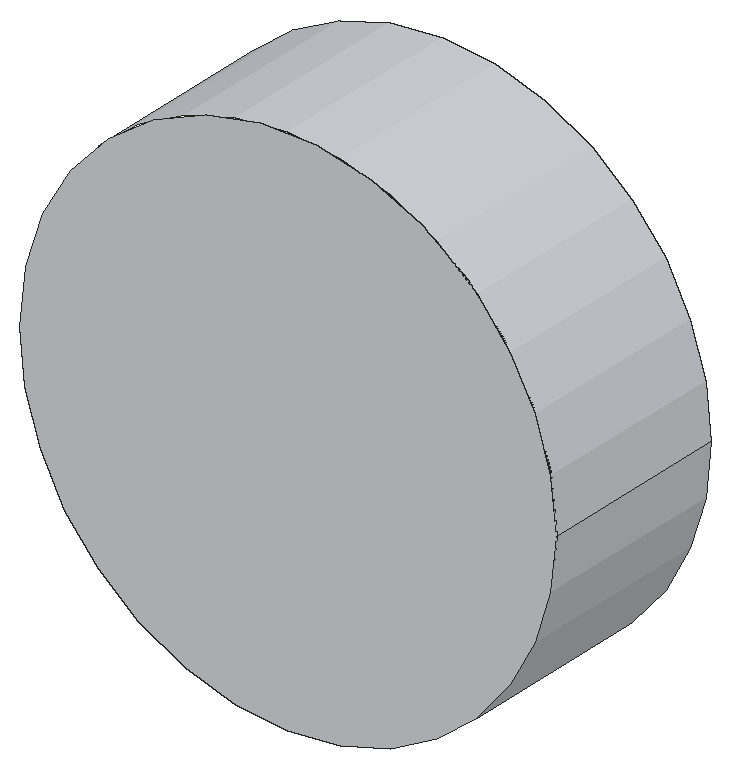
Revit family "PA_TRADITIONAL-BOTTLE-TRAP_LECICO_PC", category Pipe Accessories, Revit 2015
Parameters (values of type "Lecico Traditional Bottle Trap")
  Manufacturer = "Lecico"
  Description = "Traditional Bottle ttrap"
  Created By = "Tolani Civil Projects cc"
Reference planes
  plane 1 "Center (Front/Back)": y = 0
  plane 2: z = 0
  plane 3 "Center (Left/Right)": x = 0
Forms (mm)
  Extrusion 1, solid
    sketch origin (0, 0, 24.15) x (1, 0, 0) y (0, 0, 1)
      loop
        circle (0, 0) r 16
    from 0 to 11.501
Dimensions and locks
  Extrusion 1 to plane 1 "Center (Front/Back)" = 11.501 mm
  locked: plane 1 "Center (Front/Back)" to import instance at 234.654
  aligned and locked: level to plane 2
  aligned and locked: Extrusion 1 to plane 1 "Center (Front/Back)"
  aligned and locked: import instance to Extrusion 1
  aligned and locked: import instance to plane 2
Connectors
  piping at (0, 0, 24.15), diameter 32
    settings: on Extrusion 1, index 1, connector inside diameter 609.6 mm, connector length 0 mm, flow factor 0, pipe flow 0.0 L/s, pressure drop 0.0 Pa, fitting loss kfactor 0, connector angle 0.00°, fixture units 0, engagement length 0 mm, angle of deflection 0.00°, flow configuration 0, flow direction 0, fitting loss method 0, system type 16, joint type 0, gender type 0, connector reference index -1, connector utility 0, adjustable connector no, is connector primary yes, connector description ""
